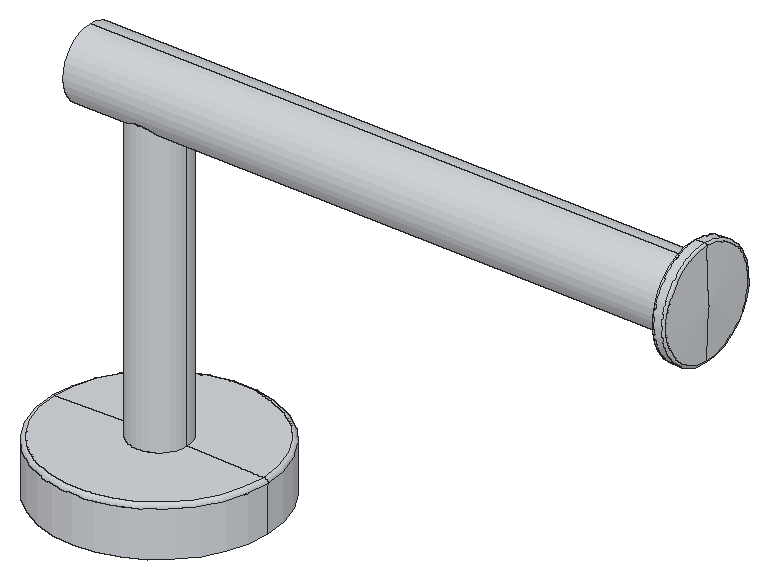
Revit family "Accessory-Tissue_Holder-KOHLER-Elate-K-27292", category Specialty Equipment, host Face, Revit 2015
Parameters (values of type "CP-Polished Chrome")
  Width = 3 13/16"  # constant formula
  WaterSense Certified = 1 = 0  # no
  URL = "https://www.us.kohler.com/us/"
  Type = 1
  Product Page URL = "http://www.us.kohler.com/us/catalog/productDetails.jsp?productNumber=27292"
  Product Name = "Elate"  # constant formula
  Product Documentation Link = "https://www.us.kohler.com/webassets/kpna/catalog/pdf/en/K-27292_spec.pdf"
  Model = if(Type = 1, "K-27292-CP", if(Type = 2, "K-27292-BN", "NA"))  # "K-27292-CP"
  Material = "Premium Metal Construction"  # constant formula
  MasterFormat 2004 = "10.28.13"  # constant formula
  MasterFormat 1995 = "10820"  # constant formula
  Manufacturer Address = "444 Highland Dr, Kohler, WI 53044"  # constant formula
  Manufacturer = "KOHLER Co."  # constant formula
  Length = 6 1/16"  # constant formula
  Height = 2"  # constant formula
  Finish = Kohler-Metal-CP-Polished_Chrome
  Environmental Product Declaration = ""
  Description = "Toilet Tissue Holder"  # constant formula
  Default Elevation = 42"
  Declare Label = ""
  Date Modified = "02/18/2019"  # constant formula
  Date Created = "02/18/2019"  # constant formula
  Copyright = "Copyright KOHLER Co."  # constant formula
  Contact Us = "https://www.us.kohler.com/us/static/contact.jsp"
  Assembly Code = "C1030200"
  ADA Compliant = 1 = 0  # no
Types (3): name | Type | Model | Finish
  (no name) | 1 | "K-27292-CP" | Kohler-Metal-CP-Polished_Chrome
  CP-Polished Chrome | 1 | "K-27292-CP" | Kohler-Metal-CP-Polished_Chrome
  BN-Vibrant Brushed Nickel | 2 | "K-27292-BN" | Kohler-Metal-BN-Vibrant_Brushed_Nickel
Reference planes (in)
  plane 1 "Center (Front/Back)": y = 0
  plane 2: z = 0
  plane 3 "Center (Left/Right)": x = 0
  plane 4: y = 1
  plane 5: x = -1
  plane 6: x = 1
  plane 7: y = -1
  plane 8: x = 5.0625
  plane 9: z = 3.8125
  plane 10: y = 0.49212
  plane 11: y = -0.49212
  plane 12: z = 2.82826
  plane 13: z = 3.32038
Dimensions and locks (in)
  "Length": plane 5 to plane 8
  "Height": plane 7 to plane 4
  "Width": plane 9 to plane 2
  locked: plane 5 to plane 6 at 2
  aligned and locked: host face to plane 2
  aligned and locked: host face to level
Automatic sketch dimensions
  host sketch curve to host sketch curve = 96"  (x2)
Nested families (in)
  nested 1: "K-27292" at (0, 0, 0), type "K-27292"
Definition of nested family "K-27292"
  Parameters (values of type "K-27292")
    Material = none
  Reference planes (in)
    plane 1 "Center (Front/Back)": y = 0
    plane 2: z = 0
    plane 3 "Center (Left/Right)": x = 0
    plane 4: x = -1
    plane 5: x = 1
    plane 6: y = 1
    plane 7: y = -1
    plane 8: x = 5.0625
    plane 9: z = 3.8125
  Forms (in)
    Revolve 1, solid, material <- "Material", detail levels medium+fine
      sketch origin (0, 0, 0) x (1, 0, 0) y (0, 0, 1)
        loop
          line (0, 0) -> (1, 0) -> (1, 0.41618)
          arc (1, 0.41618) -> (0.98915, 0.4425) -> (0.96291, 0.45353) r 0.03735
          arc (0.96291, 0.45353) -> (0.60939, 0.45754) -> (0.25591, 0.46457) r 41.44082
          line (0.25591, 0.46457) -> (0.25591, 3.29516) -> (0, 3.29516) -> (0, 0)
        axis (0, 3.29516) -> (0, 0)
      angle from 0 to 360
    Revolve 2, solid, material <- "Material", detail levels medium+fine
      sketch origin (0, 0, 0) x (1, 0, 0) y (0, 0, 1)
        loop
          arc (5.0625, 3.32038) -> (5.05711, 3.55723) -> (5.04096, 3.7936) r 5.2099
          arc (5.04096, 3.7936) -> (5.03428, 3.80706) -> (5.02026, 3.8125) r 0.02079
          line (5.02026, 3.8125) -> (4.94154, 3.8125)
          arc (4.94154, 3.8125) -> (4.9272, 3.80656) -> (4.92126, 3.79222) r 0.02028
          line (4.92126, 3.79222) -> (4.92126, 3.63534) -> (-0.6333, 3.63534)
          arc (-0.6333, 3.63534) -> (-0.66058, 3.47891) -> (-0.66971, 3.32038) r 1.38064
          line (-0.66971, 3.32038) -> (5.0625, 3.32038)
        axis (-0.66971, 3.32038) -> (5.0625, 3.32038)
      angle from 0 to 360
    Revolve 3, solid, material <- "Material", detail levels coarse
      sketch origin (0, 0, 0) x (1, 0, 0) y (0, 0, 1)
        loop
          line (0, 0) -> (1, 0) -> (1, 0.64945) -> (0.34425, 0.64945) -> (0.34425, 3.31808) -> (0, 3.31808) -> (0, 0)
        axis (0, 3.31808) -> (0, 0)
      angle from 0 to 360
    Extrusion 4, solid, material <- "Material", detail levels coarse
      sketch origin (0, 0, 0) x (0, 1, 0) y (0, 0, 1)
        loop
          circle (0, 3.31808) r 0.49442
      from -0.6333 to 5.06161
  Cuts and joins
    joined: Revolve 1, Revolve 2
    joined: Revolve 3, Extrusion 4
  Lines and regions (in)
    Masking region 1
      outline origin (0, 0, 0) x (1, 0, 0) y (0, 0, 1)
        loop
          line (5.02026, 3.8125) -> (4.94154, 3.8125)
          arc (4.94154, 3.8125) -> (4.9272, 3.80656) -> (4.92126, 3.79222) r 0.02028
          line (4.92126, 3.79222) -> (4.92126, 3.63534) -> (-0.6333, 3.63534)
          arc (-0.6333, 3.63534) -> (-0.66058, 3.47891) -> (-0.66971, 3.32038) r 1.38064
          arc (-0.66971, 3.32038) -> (-0.66058, 3.16185) -> (-0.6333, 3.00542) r 1.38064
          line (-0.6333, 3.00542) -> (-0.25591, 3.00542) -> (-0.25591, 0.46457)
          arc (-0.25591, 0.46457) -> (-0.60939, 0.45754) -> (-0.96291, 0.45353) r 41.44082
          arc (-0.96291, 0.45353) -> (-0.98915, 0.4425) -> (-1, 0.41618) r 0.03735
          line (-1, 0.41618) -> (-1, 0) -> (0, 0) -> (1, 0) -> (1, 0.41618)
          arc (1, 0.41618) -> (0.98915, 0.4425) -> (0.96291, 0.45353) r 0.03735
          arc (0.96291, 0.45353) -> (0.60939, 0.45754) -> (0.25591, 0.46457) r 41.44082
          line (0.25591, 0.46457) -> (0.25591, 3.00542) -> (4.92126, 3.00542) -> (4.92126, 2.84854)
          arc (4.92126, 2.84854) -> (4.9272, 2.8342) -> (4.94154, 2.82826) r 0.02028
          line (4.94154, 2.82826) -> (5.02026, 2.82826)
          arc (5.02026, 2.82826) -> (5.03428, 2.8337) -> (5.04096, 2.84716) r 0.02079
          arc (5.04096, 2.84716) -> (5.05711, 3.08353) -> (5.0625, 3.32038) r 5.2099
          arc (5.0625, 3.32038) -> (5.05711, 3.55723) -> (5.04096, 3.7936) r 5.2099
          arc (5.04096, 3.7936) -> (5.03428, 3.80706) -> (5.02026, 3.8125) r 0.02079
    Masking region 2
      outline origin (0, 0, 0) x (0, 1, 0) y (0, 0, 1)
        loop
          line (0, 0) -> (1, 0) -> (1, 0.41618)
          arc (1, 0.41618) -> (0.98915, 0.4425) -> (0.96291, 0.45353) r 0.03735
          arc (0.96291, 0.45353) -> (0.60939, 0.45754) -> (0.25591, 0.46457) r 41.44082
          line (0.25591, 0.46457) -> (0.25591, 2.89933)
          arc (0.25591, 2.89933) -> (0.47417, 3.45294) -> (0, 3.8125) r 0.49244
          arc (0, 3.8125) -> (-0.47417, 3.45294) -> (-0.25591, 2.89933) r 0.49244
          line (-0.25591, 2.89933) -> (-0.25591, 0.46457)
          arc (-0.25591, 0.46457) -> (-0.60939, 0.45754) -> (-0.96291, 0.45353) r 41.44082
          arc (-0.96291, 0.45353) -> (-0.98915, 0.4425) -> (-1, 0.41618) r 0.03735
          line (-1, 0.41618) -> (-1, 0) -> (0, 0)
    Masking region 3
      outline origin (0, 0, 0) x (1, 0, 0) y (0, 1, 0)
        loop
          arc (5.02026, -0.49212) -> (5.03428, -0.48668) -> (5.04096, -0.47322) r 0.02079
          arc (5.04096, -0.47322) -> (5.05711, -0.23685) -> (5.0625, 0) r 5.2099
          arc (5.0625, 0) -> (5.05711, 0.23685) -> (5.04096, 0.47322) r 5.2099
          arc (5.04096, 0.47322) -> (5.03428, 0.48668) -> (5.02026, 0.49212) r 0.02079
          line (5.02026, 0.49212) -> (4.94154, 0.49212)
          arc (4.94154, 0.49212) -> (4.9272, 0.48618) -> (4.92126, 0.47184) r 0.02028
          line (4.92126, 0.47184) -> (4.92126, 0.31496) -> (0.9491, 0.31496)
          arc (0.9491, 0.31496) -> (0.58525, 0.81085) -> (0, 1) r 1
          arc (0, 1) -> (-0.70711, 0.70711) -> (-1, 0) r 1
          arc (-1, 0) -> (-0.70711, -0.70711) -> (0, -1) r 1
          arc (0, -1) -> (0.58525, -0.81085) -> (0.9491, -0.31496) r 1
          line (0.9491, -0.31496) -> (4.92126, -0.31496) -> (4.92126, -0.47184)
          arc (4.92126, -0.47184) -> (4.9272, -0.48618) -> (4.94154, -0.49212) r 0.02028
          line (4.94154, -0.49212) -> (5.02026, -0.49212)
    symbolic lines, detail levels medium+fine
      curve 1: line (0.25591, 0, 0.46457) -> (-0.25591, 0, 0.46457)
      curve 2: line (4.92126, 0, 3.63534) -> (4.92126, 0, 3.00542)
      curve 3: line (-0.6333, 0, 3.63534) -> (-0.6333, 0, 3.00542)
      curve 4: arc (0.12324, 0, 3.09929) -> (0.06425, 0, 3.12639) -> (0, 0, 3.13567) r 0.22692
      curve 5: arc (0.25591, 0, 3.00542) -> (0.19055, 0, 3.05374) -> (0.12324, 0, 3.09929) r 1.9502
      curve 6: arc (-0.12324, 0, 3.09929) -> (-0.06425, 0, 3.12639) -> (0, 0, 3.13567) r 0.22692
      curve 7: arc (-0.25591, 0, 3.00542) -> (-0.19055, 0, 3.05374) -> (-0.12324, 0, 3.09929) r 1.9502
      curve 8: circle (0, 0, 3.32038) r 0.31496 normal (-1, 0, 0)
      curve 9: line (0, 0.25591, 2.89933) -> (0, 0.25591, 3.13677)
      curve 10: line (0, -0.25591, 2.89933) -> (0, -0.25591, 3.13677)
      curve 11: line (0, 0.25591, 0.46457) -> (0, -0.25591, 0.46457)
      curve 12: line (0.9491, 0.31496, 0) -> (-0.6333, 0.31496, 0)
      curve 13: line (0.9491, -0.31496, 0) -> (-0.6333, -0.31496, 0)
      curve 14: arc (-0.6333, 0.31496, 0) -> (-0.66861, 0, 0) -> (-0.6333, -0.31496, 0) r 1.42253
      curve 15: line (-0.6333, 0.31496, 0) -> (-0.6333, -0.31496, 0)
      curve 16: line (4.92126, 0.31496, 0) -> (4.92126, -0.31496, 0)
  Dimensions and locks (in)
    locked: plane 4 to plane 5 at 2
    locked: plane 6 to plane 7 at 2
    locked: plane 4 to plane 8 at 6.0625
    locked: plane 9 to plane 2 at 3.8125
    aligned and locked: plane 2 to level
